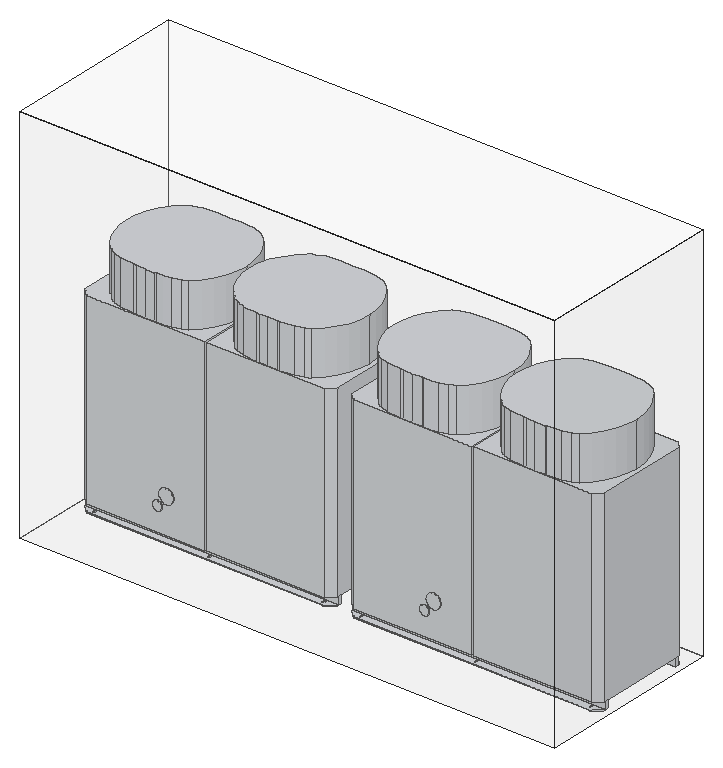
Revit family "pury-ep224_900(s)dmg9_60Hz", category 機械設備, Revit 2019 (continued)
Definition of nested family "筐体モジュール.（R2高効率）"
  Lines and regions (mm)
    symbolic lines, visible <- "ユニット4X"
      curve 301: arc (-694.112, 316.106, 0) -> (-802.132, 174.18, 0) -> (-840.507, 0, 0) r 414.476
      curve 302: arc (-840.507, 0, 0) -> (-802.132, -174.18, 0) -> (-694.112, -316.106, 0) r 414.476
      curve 303: arc (-694.112, -316.106, 0) -> (-676.871, -327.278, 0) -> (-658.4, -336.274, 0) r 168.924
      curve 304: arc (-658.4, -336.274, 0) -> (-630.711, -346.28, 0) -> (-602.194, -353.601, 0) r 308.609
      curve 305: arc (-602.194, -353.601, 0) -> (-554.089, -361, 0) -> (-505.475, -363.367, 0) r 468.429
      curve 306: arc (-505.475, -363.367, 0) -> (-497.937, -363.425, 0) -> (-490.403, -363.142, 0) r 167.153
      curve 307: line (-490.403, -363.142, 0) -> (-426.031, -363.142, 0)
      curve 308: line (-426.031, -363.142, 0) -> (-361.659, -363.142, 0)
      curve 309: arc (-361.659, -363.142, 0) -> (-354.125, -363.425, 0) -> (-346.586, -363.367, 0) r 167.153
      curve 310: arc (-346.586, -363.367, 0) -> (-296.703, -360.87, 0) -> (-247.368, -353.076, 0) r 468.429
      curve 311: arc (-247.368, -353.076, 0) -> (-220.13, -345.901, 0) -> (-193.659, -336.274, 0) r 308.61
      curve 312: arc (-193.659, -336.274, 0) -> (-174.719, -327.333, 0) -> (-157.039, -316.106, 0) r 167.985
      curve 313: arc (-157.039, -316.106, 0) -> (-49.249, -174.112, 0) -> (-10.965, 0, 0) r 415.066
      curve 314: arc (-10.965, 0, 0) -> (-49.249, 174.112, 0) -> (-157.039, 316.106, 0) r 415.066
      curve 315: arc (-157.039, 316.106, 0) -> (-174.719, 327.333, 0) -> (-193.659, 336.274, 0) r 167.985
      curve 316: arc (-193.659, 336.274, 0) -> (-220.13, 345.901, 0) -> (-247.368, 353.076, 0) r 308.61
      curve 317: arc (-247.368, 353.076, 0) -> (-296.703, 360.87, 0) -> (-346.586, 363.367, 0) r 468.429
      curve 318: line (-346.586, 363.367, 0) -> (-426.031, 363.367, 0)
      curve 319: line (-426.031, 363.367, 0) -> (-505.475, 363.367, 0)
      curve 320: arc (-505.475, 363.367, 0) -> (-554.089, 361, 0) -> (-602.194, 353.601, 0) r 468.429
      curve 321: arc (-602.194, 353.601, 0) -> (-630.711, 346.28, 0) -> (-658.4, 336.274, 0) r 308.609
      curve 322: arc (-658.4, 336.274, 0) -> (-677.005, 327.516, 0) -> (-694.112, 316.106, 0) r 138.853
      curve 323: arc (840.507, 0, 0) -> (802.132, 174.18, 0) -> (694.112, 316.106, 0) r 414.476
      curve 324: arc (694.112, 316.106, 0) -> (677.005, 327.516, 0) -> (658.4, 336.274, 0) r 138.853
      curve 325: arc (658.4, 336.274, 0) -> (630.711, 346.28, 0) -> (602.194, 353.601, 0) r 308.609
      curve 326: arc (602.194, 353.601, 0) -> (554.089, 361, 0) -> (505.475, 363.367, 0) r 468.429
      curve 327: line (505.475, 363.367, 0) -> (426.031, 363.367, 0)
      curve 328: line (426.031, 363.367, 0) -> (346.586, 363.367, 0)
      curve 329: arc (346.586, 363.367, 0) -> (297.973, 361, 0) -> (249.868, 353.601, 0) r 468.429
      curve 330: arc (249.868, 353.601, 0) -> (221.351, 346.28, 0) -> (193.661, 336.274, 0) r 308.609
      curve 331: arc (193.661, 336.274, 0) -> (175.191, 327.278, 0) -> (157.949, 316.106, 0) r 168.924
      curve 332: arc (157.949, 316.106, 0) -> (49.93, 174.18, 0) -> (11.555, 0, 0) r 414.476
      curve 333: arc (11.555, 0, 0) -> (49.93, -174.18, 0) -> (157.949, -316.106, 0) r 414.476
      curve 334: arc (157.949, -316.106, 0) -> (175.191, -327.278, 0) -> (193.661, -336.274, 0) r 168.924
      curve 335: arc (193.661, -336.274, 0) -> (221.351, -346.28, 0) -> (249.868, -353.601, 0) r 308.609
      curve 336: arc (249.868, -353.601, 0) -> (297.973, -361, 0) -> (346.586, -363.367, 0) r 468.429
      curve 337: arc (346.586, -363.367, 0) -> (354.125, -363.425, 0) -> (361.659, -363.142, 0) r 167.153
      curve 338: line (361.659, -363.142, 0) -> (426.031, -363.142, 0)
      curve 339: line (426.031, -363.142, 0) -> (490.403, -363.142, 0)
      curve 340: arc (490.403, -363.142, 0) -> (497.937, -363.425, 0) -> (505.475, -363.367, 0) r 167.153
      curve 341: arc (505.475, -363.367, 0) -> (554.089, -361, 0) -> (602.194, -353.601, 0) r 468.429
      curve 342: arc (602.194, -353.601, 0) -> (630.711, -346.28, 0) -> (658.4, -336.274, 0) r 308.609
      curve 343: arc (658.4, -336.274, 0) -> (676.871, -327.278, 0) -> (694.112, -316.106, 0) r 168.924
      curve 344: arc (694.112, -316.106, 0) -> (802.132, -174.18, 0) -> (840.507, 0, 0) r 414.476
      curve 345: line (-875, 320.831, 0) -> (-875, -320.583, 0)
      curve 346: line (-825.831, 370, 0) -> (-875, 320.831, 0)
      curve 347: line (-875, -320.583, 0) -> (-825.583, -370, 0)
      curve 348: line (825.831, 370, 0) -> (-825.831, 370, 0)
      curve 349: line (875, 320.831, 0) -> (825.831, 370, 0)
      curve 350: line (875, -320.583, 0) -> (875, 320.831, 0)
      curve 351: line (825.583, -370, 0) -> (875, -320.583, 0)
      curve 352: line (-825.583, -370, 0) -> (825.583, -370, 0)
      curve 353: line (4.756, 370, 0) -> (4.756, -370, 0)
      curve 354: line (-4.756, -370, 0) -> (-4.756, 370, 0)
  Dimensions and locks
    "Depth": plane 4 to plane 5
    equal spacing: plane 4, plane 1 "中心(正面/背面)", plane 5
    "W": plane 6 to plane 21
    locked: plane 11 "本体下部" to plane 2 at 54
    plane 4 to plane 9 to plane 10 to plane 14 to plane 13 to plane 12 = 57 mm locked, 20 mm locked, 586 mm locked, 20 mm locked, 57 mm locked
    locked: plane 12 to plane 15 at 29.5
    locked: plane 4 to plane 17 at 29.5
    "冷媒液_Z": plane 18 "電源高さ" to level
    plane 8 to plane 7 = 303 mm
    plane 7 to plane 2 = 1347 mm
    "Height": plane 8 to plane 2
    "冷媒管径_Z": level to plane 19 "冷媒管高さ"
    locked: plane 6 to plane 16 at 80
    locked: plane 11 "本体下部" to plane 20 "冷媒操作弁ガス芯4" at 1
    equal spacing: plane 6, plane 3 "中心(左/右)", plane 21
    equal spacing: plane 22, plane 3 "中心(左/右)", plane 23
    "Width": plane 22 to plane 23
    "冷媒ガス_Y": plane 4 to plane 27
    "冷媒管径_Y": plane 4 to plane 28
    "冷媒液_Y": plane 4 to plane 29
    "冷媒ガス_Z": plane 30 to level
    "冷媒液_X": plane 22 to plane 24
    "冷媒管径_X": plane 22 to plane 25
    "冷媒ガス_X": plane 24 to plane 26
    locked: plane 31 to plane 21 at 80
    "冷媒ガス管径": diameter of Extrusion 8 sketch curve
    "冷媒液管径": diameter of Extrusion 7 sketch curve
    "冷媒管径": diameter of Extrusion 6 sketch curve
    "冷媒管径": diameter of Extrusion 5 sketch curve
    aligned and locked: Extrusion 1 to plane 6
    aligned and locked: curve 3 to plane 6
    aligned and locked: plane 10 to Extrusion 2 sketch curve
    aligned and locked: plane 6 to Extrusion 2 sketch curve
    aligned and locked: Extrusion 2 sketch curve to plane 9
    aligned and locked: Extrusion 1 to plane 11 "本体下部"
    aligned and locked: plane 11 "本体下部" to Extrusion 1  (x2)
    aligned and locked: plane 7 to Extrusion 1
    aligned and locked: plane 4 to Extrusion 4
    aligned and locked: plane 9 to Extrusion 2
    aligned and locked: plane 11 "本体下部" to Extrusion 6
    aligned and locked: Extrusion 7 to plane 20 "冷媒操作弁ガス芯4"
    aligned and locked: plane 11 "本体下部" to Extrusion 7
    aligned and locked: plane 11 "本体下部" to Extrusion 8
    aligned and locked: Extrusion 7 to Extrusion 8
    aligned and locked: Extrusion 7 to Extrusion 6
    aligned and locked: Extrusion 1 sketch curve to plane 21
    aligned and locked: Extrusion 1 sketch curve to plane 12
    aligned and locked: Extrusion 1 sketch curve to plane 4
    aligned and locked: Extrusion 1 sketch curve to Extrusion 4
    aligned and locked: curve 203 to plane 21
    aligned and locked: plane 25 to Extrusion 6 sketch curve
    aligned and locked: plane 28 to Extrusion 6 sketch curve
    aligned and locked: plane 26 to Extrusion 8 sketch curve
    aligned and locked: plane 27 to Extrusion 8 sketch curve
    aligned and locked: plane 29 to Extrusion 7 sketch curve
    aligned and locked: plane 24 to Extrusion 7 sketch curve
    aligned and locked: plane 19 "冷媒管高さ" to Extrusion 5 sketch curve
    aligned and locked: plane 25 to Extrusion 5 sketch curve
    aligned and locked: curve 301 to Extrusion 11
    aligned and locked: curve 302 to Extrusion 11
    aligned and locked: curve 303 to Extrusion 11
    aligned and locked: curve 304 to Extrusion 11
    aligned and locked: curve 305 to Extrusion 11
    aligned and locked: curve 306 to Extrusion 11
    aligned and locked: curve 307 to Extrusion 11
    aligned and locked: curve 308 to Extrusion 11
    aligned and locked: curve 309 to Extrusion 11
    aligned and locked: curve 310 to Extrusion 11
    aligned and locked: curve 311 to Extrusion 11
    aligned and locked: curve 312 to Extrusion 11
    aligned and locked: curve 313 to Extrusion 11
    aligned and locked: curve 314 to Extrusion 11
    aligned and locked: curve 315 to Extrusion 11
    aligned and locked: curve 316 to Extrusion 11
    aligned and locked: curve 317 to Extrusion 11
    aligned and locked: curve 318 to Extrusion 11
    aligned and locked: curve 319 to Extrusion 11
    aligned and locked: curve 320 to Extrusion 11
    aligned and locked: curve 321 to Extrusion 11
    aligned and locked: curve 322 to Extrusion 11
    aligned and locked: curve 323 to Extrusion 10
    aligned and locked: curve 324 to Extrusion 10
    aligned and locked: curve 325 to Extrusion 10
    aligned and locked: curve 326 to Extrusion 10
    aligned and locked: curve 327 to Extrusion 10
    aligned and locked: curve 328 to Extrusion 10
    aligned and locked: curve 329 to Extrusion 10
    aligned and locked: curve 330 to Extrusion 10
    aligned and locked: curve 331 to Extrusion 10
    aligned and locked: curve 332 to Extrusion 10
    aligned and locked: curve 333 to Extrusion 10
    aligned and locked: curve 334 to Extrusion 10
    aligned and locked: curve 335 to Extrusion 10
    aligned and locked: curve 336 to Extrusion 10
    aligned and locked: curve 337 to Extrusion 10
    aligned and locked: curve 338 to Extrusion 10
    aligned and locked: curve 339 to Extrusion 10
    aligned and locked: curve 340 to Extrusion 10
    aligned and locked: curve 341 to Extrusion 10
    aligned and locked: curve 342 to Extrusion 10
    aligned and locked: curve 343 to Extrusion 10
    aligned and locked: curve 344 to Extrusion 10
    aligned and locked: curve 345 to Extrusion 1
    aligned and locked: curve 346 to Extrusion 1
    aligned and locked: curve 347 to Extrusion 1
    aligned and locked: curve 348 to Extrusion 9
    aligned and locked: curve 349 to Extrusion 1
    aligned and locked: curve 350 to Extrusion 1
    aligned and locked: curve 351 to Extrusion 1
    aligned and locked: curve 352 to Extrusion 4
    aligned and locked: curve 353 to Extrusion 1
    aligned and locked: curve 354 to Extrusion 1
    aligned and locked: plane 17 to nested 2
    aligned and locked: plane 15 to nested 2
    aligned and locked: plane 16 to nested 2
    aligned and locked: plane 31 to nested 1
    aligned and locked: plane 17 to nested 1
    aligned and locked: plane 15 to nested 1
    aligned and locked: plane 3 "中心(左/右)" to nested 2
    aligned and locked: plane 3 "中心(左/右)" to nested 1
    aligned and locked: Masking region 1 sketch curve to curve 346
    aligned and locked: Masking region 1 sketch curve to curve 345
    aligned and locked: Masking region 1 sketch curve to curve 347
    aligned and locked: Masking region 1 sketch curve to curve 352
    aligned and locked: Masking region 1 sketch curve to curve 351
    aligned and locked: Masking region 1 sketch curve to curve 350
    aligned and locked: Masking region 1 sketch curve to curve 349
    aligned and locked: Masking region 1 sketch curve to curve 348
  Automatic sketch dimensions
    Extrusion 2 sketch curve to plane 21 = 0 mm
    Extrusion 3 sketch curve to plane 6 = 0 mm
    Extrusion 3 sketch curve to plane 13 = 0 mm
    Extrusion 3 sketch curve to plane 21 = 0 mm
    Extrusion 3 sketch curve to plane 14 = 0 mm
    Extrusion 10 sketch curve to Extrusion 10 sketch curve = 0 mm  (x4)
    plane 1 "中心(正面/背面)" to Extrusion 10 sketch curve = 0 mm  (x2)
    Extrusion 10 sketch curve to plane 21 = 266.274 mm
    Extrusion 10 sketch curve to plane 21 = 281.195 mm
    Extrusion 10 sketch curve to plane 1 "中心(正面/背面)" = 51.367 mm  (x2)
    Extrusion 10 sketch curve to Extrusion 10 sketch curve = 68.933 mm
    plane 1 "中心(正面/背面)" to Extrusion 10 sketch curve = 51.367 mm  (x2)
    Extrusion 10 sketch curve to Extrusion 10 sketch curve = 32.763 mm  (x4)
    plane 5 to Extrusion 10 sketch curve = 6.633 mm
    Extrusion 10 sketch curve to Extrusion 10 sketch curve = 103.251 mm
    Extrusion 10 sketch curve to Extrusion 10 sketch curve = 6.599 mm  (x2)
    Extrusion 10 sketch curve to plane 4 = 6.858 mm
    Extrusion 10 sketch curve to Extrusion 10 sketch curve = 10.027 mm
    Extrusion 10 sketch curve to Extrusion 10 sketch curve = 113.762 mm
    Extrusion 10 sketch curve to Extrusion 10 sketch curve = 64.372 mm  (x2)
    Extrusion 10 sketch curve to Extrusion 10 sketch curve = 79.445 mm  (x2)
    Extrusion 10 sketch curve to Extrusion 10 sketch curve = 148.799 mm
    Extrusion 10 sketch curve to Extrusion 10 sketch curve = 80.998 mm
    Extrusion 10 sketch curve to Extrusion 10 sketch curve = 86.775 mm
    Extrusion 10 sketch curve to Extrusion 10 sketch curve = 93.374 mm
    Extrusion 10 sketch curve to Extrusion 10 sketch curve = 155.243 mm
    Extrusion 10 sketch curve to plane 14 = 112.812 mm
    Extrusion 10 sketch curve to plane 1 "中心(正面/背面)" = 105.059 mm
    Extrusion 10 sketch curve to Extrusion 10 sketch curve = 53.692 mm  (x3)
    Extrusion 10 sketch curve to plane 17 = 4.226 mm  (x2)
    Extrusion 10 sketch curve to Extrusion 10 sketch curve = 64.596 mm
    Extrusion 10 sketch curve to plane 15 = 4.226 mm  (x2)
    Extrusion 10 sketch curve to Extrusion 10 sketch curve = 49.674 mm
    plane 13 to Extrusion 10 sketch curve = 3.106 mm
    plane 17 to Extrusion 10 sketch curve = 13.101 mm  (x2)
    Extrusion 10 sketch curve to plane 4 = 6.633 mm
    plane 15 to Extrusion 10 sketch curve = 13.101 mm
    plane 9 to Extrusion 10 sketch curve = 3.106 mm
    Extrusion 11 sketch curve to Extrusion 11 sketch curve = 0 mm  (x3)
    Extrusion 11 sketch curve to plane 1 "中心(正面/背面)" = 0 mm
    plane 1 "中心(正面/背面)" to Extrusion 11 sketch curve = 0 mm
    plane 1 "中心(正面/背面)" to Extrusion 11 sketch curve = 51.367 mm  (x2)
    Extrusion 11 sketch curve to Extrusion 11 sketch curve = 32.763 mm  (x4)
    plane 5 to Extrusion 11 sketch curve = 6.633 mm
    Extrusion 11 sketch curve to Extrusion 11 sketch curve = 6.599 mm  (x2)
    Extrusion 11 sketch curve to plane 4 = 6.858 mm
    Extrusion 11 sketch curve to Extrusion 11 sketch curve = 113.762 mm  (x2)
    Extrusion 11 sketch curve to Extrusion 11 sketch curve = 64.372 mm  (x2)
    Extrusion 11 sketch curve to Extrusion 11 sketch curve = 79.445 mm  (x2)
    Extrusion 11 sketch curve to Extrusion 11 sketch curve = 91.232 mm  (x2)
    Extrusion 11 sketch curve to Extrusion 11 sketch curve = 53.692 mm  (x3)
    Extrusion 11 sketch curve to plane 1 "中心(正面/背面)" = 51.367 mm  (x2)
    Extrusion 11 sketch curve to Extrusion 11 sketch curve = 75.129 mm
    Extrusion 11 sketch curve to Extrusion 11 sketch curve = 101.551 mm
    Extrusion 11 sketch curve to plane 17 = 4.226 mm  (x2)
    Extrusion 11 sketch curve to Extrusion 11 sketch curve = 64.596 mm
    Extrusion 11 sketch curve to plane 15 = 4.226 mm  (x2)
    Extrusion 11 sketch curve to Extrusion 11 sketch curve = 49.674 mm
    plane 13 to Extrusion 11 sketch curve = 3.106 mm
    plane 17 to Extrusion 11 sketch curve = 13.101 mm
    Extrusion 11 sketch curve to plane 4 = 6.633 mm
    plane 9 to Extrusion 11 sketch curve = 3.106 mm
    Extrusion 11 sketch curve to Extrusion 11 sketch curve = 80.998 mm
    Extrusion 11 sketch curve to Extrusion 11 sketch curve = 93.374 mm
    Extrusion 11 sketch curve to Extrusion 11 sketch curve = 101.697 mm
    plane 16 to Extrusion 11 sketch curve = 186.274 mm
    Extrusion 11 sketch curve to Extrusion 11 sketch curve = 152.925 mm
    Extrusion 11 sketch curve to Extrusion 11 sketch curve = 111.791 mm
    Extrusion 11 sketch curve to Extrusion 11 sketch curve = 148.799 mm
    Extrusion 11 sketch curve to Extrusion 11 sketch curve = 89.275 mm
    Extrusion 11 sketch curve to Extrusion 11 sketch curve = 95.874 mm
    plane 15 to Extrusion 11 sketch curve = 12.576 mm
    plane 17 to Extrusion 11 sketch curve = 12.576 mm
    Extrusion 10 sketch curve to Extrusion 10 sketch curve = 75.129 mm  (x2)
    Extrusion 11 sketch curve to Extrusion 11 sketch curve = 16.103 mm  (x2)
    Extrusion 10 sketch curve to Extrusion 10 sketch curve = 91.232 mm  (x2)
    Extrusion 11 sketch curve to plane 10 = 96.709 mm
    Extrusion 9 sketch curve to plane 6 = 0 mm
    plane 5 to Extrusion 9 sketch curve = 0 mm
    Extrusion 9 sketch curve to plane 16 = 0 mm
    Extrusion 9 sketch curve to plane 3 "中心(左/右)" = 0 mm
    Extrusion 9 sketch curve to plane 21 = 0 mm
    Extrusion 9 sketch curve to plane 13 = 0 mm
    plane 16 to Extrusion 9 sketch curve = 30.583 mm
    Extrusion 9 sketch curve to plane 15 = 3 mm  (x3)
    Extrusion 9 sketch curve to Extrusion 9 sketch curve = 7 mm  (x3)
    plane 15 to Extrusion 9 sketch curve = 3 mm  (x3)
    plane 21 to Extrusion 9 sketch curve = 87 mm
    Extrusion 9 sketch curve to Extrusion 9 sketch curve = 23.583 mm
    Extrusion 9 sketch curve to plane 13 = 7.583 mm  (x2)
    Extrusion 1 sketch curve to plane 6 = 0 mm
    plane 5 to Extrusion 1 sketch curve = 0 mm
    plane 4 to Extrusion 1 sketch curve = 0 mm
    Extrusion 1 sketch curve to plane 16 = 30.831 mm
    Extrusion 1 sketch curve to plane 16 = 30.583 mm
    Extrusion 1 sketch curve to plane 3 "中心(左/右)" = 4.756 mm
    plane 3 "中心(左/右)" to Extrusion 1 sketch curve = 4.756 mm
    Extrusion 1 sketch curve to plane 21 = 49.169 mm
    plane 9 to Extrusion 1 sketch curve = 7.583 mm
    plane 13 to Extrusion 1 sketch curve = 7.831 mm  (x2)
    Extrusion 4 sketch curve to plane 6 = 0 mm
    plane 4 to Extrusion 4 sketch curve = 0 mm
    Extrusion 4 sketch curve to plane 16 = 0 mm
    Extrusion 4 sketch curve to plane 3 "中心(左/右)" = 0 mm
    Extrusion 4 sketch curve to plane 21 = 0 mm
    plane 9 to Extrusion 4 sketch curve = 0 mm
    Extrusion 4 sketch curve to plane 16 = 30.583 mm
    plane 17 to Extrusion 4 sketch curve = 3 mm  (x3)
    Extrusion 4 sketch curve to Extrusion 4 sketch curve = 7 mm  (x3)
    Extrusion 4 sketch curve to plane 17 = 3 mm  (x3)
    Extrusion 4 sketch curve to plane 21 = 87 mm
    Extrusion 4 sketch curve to Extrusion 4 sketch curve = 23.583 mm
    plane 9 to Extrusion 4 sketch curve = 7.583 mm  (x2)
    curve 306 to curve 307 = 64.372 mm
    curve 319 to curve 317 = 79.445 mm
    curve 337 to curve 338 = 64.372 mm
    curve 328 to curve 328 = 79.445 mm
  Nested families
    nested 1: "固定点" at (0, -340.5, 0), visible <- "ユニット4X", type "固定点", detail levels fine
      with W 795 mm, D 681 mm
    nested 2: "固定点" at (-795, -340.5, 0), visible <- "ユニット4X", type "固定点", detail levels fine
      with W 795 mm, D 681 mm
  Definition of nested family "固定点"
    Parameters (values of type "固定点")
      中心円 = 20 mm
      W [instance] = 1000 mm
      D [instance] = 1000 mm
    Reference planes
      plane 1 "中心(正面/背面)": y = 0
      plane 2: z = 0
      plane 3 "中心(左/右)": x = 0
      plane 4: x = 1000
      plane 5: y = 1000
    Lines and regions (mm)
      symbolic lines, detail levels fine
        curve 1: circle (0, 1000, 0) r 10 normal (0, 0, 1)
        curve 2: circle (0, 0, 0) r 10 normal (0, 0, 1)
        curve 3: circle (1000, 1000, 0) r 10 normal (0, 0, 1)
        curve 4: circle (1000, 0, 0) r 10 normal (0, 0, 1)
        curve 5: line (-200, 1000, 0) -> (1200, 1000, 0)
        curve 6: line (-200, 0, 0) -> (1200, 0, 0)
        curve 7: line (0, 1200, 0) -> (0, -200, 0)
        curve 8: line (1000, 1200, 0) -> (1000, -200, 0)
    Dimensions and locks
      "W": plane 3 "中心(左/右)" to plane 4
      "D": plane 1 "中心(正面/背面)" to plane 5
      "中心円": diameter of curve 1
      "中心円": diameter of curve 2
      "中心円": diameter of curve 3
      "中心円": diameter of curve 4
      aligned and locked: level to plane 2
      aligned and locked: plane 5 to curve 1
      aligned and locked: plane 3 "中心(左/右)" to curve 1
      aligned and locked: plane 3 "中心(左/右)" to curve 2
      aligned and locked: plane 1 "中心(正面/背面)" to curve 2
      aligned and locked: plane 4 to curve 3
      aligned and locked: plane 5 to curve 3
      aligned and locked: plane 1 "中心(正面/背面)" to curve 4
      aligned and locked: plane 4 to curve 4
      aligned and locked: plane 1 "中心(正面/背面)" to curve 6
      aligned and locked: curve 7 to plane 3 "中心(左/右)"
      aligned and locked: curve 8 to plane 4
    Automatic sketch dimensions
      curve 5 to plane 5 = 0 mm
      curve 6 to plane 3 "中心(左/右)" = 200 mm
      curve 5 to plane 3 "中心(左/右)" = 200 mm
      curve 4 to curve 6 = 200 mm
      curve 3 to curve 5 = 200 mm
      plane 1 "中心(正面/背面)" to curve 8 = 200 mm
      plane 1 "中心(正面/背面)" to curve 7 = 200 mm
      curve 3 to curve 8 = 200 mm
      curve 1 to curve 7 = 200 mm
Definition of nested family "outline"
  Parameters (values of type "outline_S")
    ユニット4X [instance] = and(ユニット2, Width = 1750 mm)  # no
    ユニット2 [instance] = yes
    Width [instance] = 920 mm
    W = 920 mm
    Height [instance] = 1650 mm
    Depth [instance] = 740 mm
  Types (3, lengths in mm): name | ユニット4X | Width | W
    outline_S | no | 920 | 920
    outline_XL | yes | 1750 | 1750
    outline_L | no | 1220 | 1220
  Reference planes
    plane 1 "中心(正面/背面)": y = 0
    plane 2: z = 0
    plane 3 "中心(左/右)": x = 0
    plane 4: y = -370
    plane 5: y = 370
    plane 6: x = -460
    plane 7: z = 1347
    plane 8: z = 1650
    plane 9 "本体下部": z = 54
    plane 10: y = 370
    plane 11 "電源高さ": z = 262
    plane 12 "冷媒管高さ": z = 262
    plane 13 "冷媒操作弁ガス芯4": z = 53
    plane 14: x = 460
    plane 15: x = -875
    plane 16: x = 875
    plane 17: z = 262
  Forms (mm)
    Extrusion 1, solid, visible <- "ユニット2", detail levels coarse+medium
      sketch origin (0, 0, 0) x (1, 0, 0) y (0, 1, 0)
        loop
          line (-460, 370) -> (-460, -370) -> (460, -370) -> (460, 370) -> (-460, 370)
      from 0 to 1650
  Lines and regions (mm)
    model lines, visible <- "ユニット4X", not visible, detail levels fine
      curve 1: line (460, 178.667, 1289.179) -> (460, 297.73, 1289.179)
      curve 2: line (460, 178.667, 1056.056) -> (460, 178.667, 1289.179)
      curve 3: line (460, 297.73, 1056.056) -> (460, 178.667, 1056.056)
      curve 4: line (460, 297.73, 1289.179) -> (460, 297.73, 1056.056)
      curve 5: line (460, 47.598, 1289.179) -> (460, 166.661, 1289.179)
      curve 6: line (460, 47.598, 1056.056) -> (460, 47.598, 1289.179)
      curve 7: line (460, 166.661, 1056.056) -> (460, 47.598, 1056.056)
      curve 8: line (460, 166.661, 1289.179) -> (460, 166.661, 1056.056)
      curve 9: line (460, -83.471, 1289.179) -> (460, 35.592, 1289.179)
      curve 10: line (460, -83.471, 1056.056) -> (460, -83.471, 1289.179)
      curve 11: line (460, 35.592, 1056.056) -> (460, -83.471, 1056.056)
      curve 12: line (460, 35.592, 1289.179) -> (460, 35.592, 1056.056)
      curve 13: line (460, -150.779, 1289.179) -> (460, -95.75, 1289.179)
      curve 14: line (460, -150.779, 1056.056) -> (460, -150.779, 1289.179)
      curve 15: line (460, -95.75, 1056.056) -> (460, -150.779, 1056.056)
      curve 16: line (460, -95.75, 1289.179) -> (460, -95.75, 1056.056)
      curve 17: line (460, -150.779, 1283.175) -> (460, -132.596, 1283.175)
      curve 18: line (460, -150.779, 1062.059) -> (460, -150.779, 1283.175)
      curve 19: line (460, -132.596, 1062.059) -> (460, -150.779, 1062.059)
      curve 20: line (460, -132.596, 1283.175) -> (460, -132.596, 1062.059)
      curve 21: line (460, 178.667, 1046.051) -> (460, 297.73, 1046.051)
      curve 22: line (460, 178.667, 812.928) -> (460, 178.667, 1046.051)
      curve 23: line (460, 297.73, 812.928) -> (460, 178.667, 812.928)
      curve 24: line (460, 297.73, 1046.051) -> (460, 297.73, 812.928)
      curve 25: line (460, 47.598, 1046.051) -> (460, 166.661, 1046.051)
      curve 26: line (460, 47.598, 812.928) -> (460, 47.598, 1046.051)
      curve 27: line (460, 166.661, 812.928) -> (460, 47.598, 812.928)
      curve 28: line (460, 166.661, 1046.051) -> (460, 166.661, 812.928)
      curve 29: line (460, -83.471, 1046.051) -> (460, 35.592, 1046.051)
      curve 30: line (460, -83.471, 812.928) -> (460, -83.471, 1046.051)
      curve 31: line (460, 35.592, 812.928) -> (460, -83.471, 812.928)
      curve 32: line (460, 35.592, 1046.051) -> (460, 35.592, 812.928)
      curve 33: line (460, -150.779, 1046.051) -> (460, -95.75, 1046.051)
      curve 34: line (460, -150.779, 812.928) -> (460, -150.779, 1046.051)
      curve 35: line (460, -95.75, 812.928) -> (460, -150.779, 812.928)
      curve 36: line (460, -95.75, 1046.051) -> (460, -95.75, 812.928)
      curve 37: line (460, -150.779, 1040.048) -> (460, -132.596, 1040.048)
      curve 38: line (460, -150.779, 818.931) -> (460, -150.779, 1040.048)
      curve 39: line (460, -132.596, 818.931) -> (460, -150.779, 818.931)
      curve 40: line (460, -132.596, 1040.048) -> (460, -132.596, 818.931)
      curve 41: line (460, 178.667, 802.923) -> (460, 297.73, 802.923)
      curve 42: line (460, 178.667, 569.8) -> (460, 178.667, 802.923)
      curve 43: line (460, 297.73, 569.8) -> (460, 178.667, 569.8)
      curve 44: line (460, 297.73, 802.923) -> (460, 297.73, 569.8)
      curve 45: line (460, 47.598, 802.923) -> (460, 166.661, 802.923)
      curve 46: line (460, 47.598, 569.8) -> (460, 47.598, 802.923)
      curve 47: line (460, 166.661, 569.8) -> (460, 47.598, 569.8)
      curve 48: line (460, 166.661, 802.923) -> (460, 166.661, 569.8)
      curve 49: line (460, -83.471, 802.923) -> (460, 35.592, 802.923)
      curve 50: line (460, -83.471, 569.8) -> (460, -83.471, 802.923)
      curve 51: line (460, 35.592, 569.8) -> (460, -83.471, 569.8)
      curve 52: line (460, 35.592, 802.923) -> (460, 35.592, 569.8)
      curve 53: line (460, -150.779, 802.923) -> (460, -95.75, 802.923)
      curve 54: line (460, -150.779, 569.8) -> (460, -150.779, 802.923)
      curve 55: line (460, -95.75, 569.8) -> (460, -150.779, 569.8)
      curve 56: line (460, -95.75, 802.923) -> (460, -95.75, 569.8)
      curve 57: line (460, -150.779, 796.92) -> (460, -132.596, 796.92)
      curve 58: line (460, -150.779, 575.803) -> (460, -150.779, 796.92)
      curve 59: line (460, -132.596, 575.803) -> (460, -150.779, 575.803)
      curve 60: line (460, -132.596, 796.92) -> (460, -132.596, 575.803)
      curve 61: line (460, 178.667, 559.795) -> (460, 297.73, 559.795)
      curve 62: line (460, 178.667, 326.672) -> (460, 178.667, 559.795)
      curve 63: line (460, 297.73, 326.672) -> (460, 178.667, 326.672)
      curve 64: line (460, 297.73, 559.795) -> (460, 297.73, 326.672)
      curve 65: line (460, 47.598, 559.795) -> (460, 166.661, 559.795)
      curve 66: line (460, 47.598, 326.672) -> (460, 47.598, 559.795)
      curve 67: line (460, 166.661, 326.672) -> (460, 47.598, 326.672)
      curve 68: line (460, 166.661, 559.795) -> (460, 166.661, 326.672)
      curve 69: line (460, -83.471, 559.795) -> (460, 35.592, 559.795)
      curve 70: line (460, -83.471, 326.672) -> (460, -83.471, 559.795)
      curve 71: line (460, 35.592, 326.672) -> (460, -83.471, 326.672)
      curve 72: line (460, 35.592, 559.795) -> (460, 35.592, 326.672)
      curve 73: line (460, -150.779, 559.795) -> (460, -95.75, 559.795)
      curve 74: line (460, -150.779, 326.672) -> (460, -150.779, 559.795)
      curve 75: line (460, -95.75, 326.672) -> (460, -150.779, 326.672)
      curve 76: line (460, -95.75, 559.795) -> (460, -95.75, 326.672)
      curve 77: line (460, -150.779, 553.792) -> (460, -132.596, 553.792)
      curve 78: line (460, -150.779, 332.675) -> (460, -150.779, 553.792)
      curve 79: line (460, -132.596, 332.675) -> (460, -150.779, 332.675)
      curve 80: line (460, -132.596, 553.792) -> (460, -132.596, 332.675)
      curve 81: line (460, 178.667, 316.667) -> (460, 297.73, 316.667)
      curve 82: line (460, 178.667, 83.544) -> (460, 178.667, 316.667)
      curve 83: line (460, 297.73, 83.544) -> (460, 178.667, 83.544)
      curve 84: line (460, 297.73, 316.667) -> (460, 297.73, 83.544)
      curve 85: line (460, 47.598, 316.667) -> (460, 166.661, 316.667)
      curve 86: line (460, 47.598, 83.544) -> (460, 47.598, 316.667)
      curve 87: line (460, 166.661, 83.544) -> (460, 47.598, 83.544)
      curve 88: line (460, 166.661, 316.667) -> (460, 166.661, 83.544)
      curve 89: line (460, -83.471, 316.667) -> (460, 35.592, 316.667)
      curve 90: line (460, -83.471, 83.544) -> (460, -83.471, 316.667)
      curve 91: line (460, 35.592, 83.544) -> (460, -83.471, 83.544)
      curve 92: line (460, 35.592, 316.667) -> (460, 35.592, 83.544)
      curve 93: line (460, -150.779, 316.667) -> (460, -95.75, 316.667)
      curve 94: line (460, -150.779, 83.544) -> (460, -150.779, 316.667)
      curve 95: line (460, -95.75, 83.544) -> (460, -150.779, 83.544)
      curve 96: line (460, -95.75, 316.667) -> (460, -95.75, 83.544)
      curve 97: line (460, -150.779, 310.664) -> (460, -132.596, 310.664)
      curve 98: line (460, -150.779, 89.547) -> (460, -150.779, 310.664)
      curve 99: line (460, -132.596, 89.547) -> (460, -150.779, 89.547)
      curve 100: line (460, -132.596, 310.664) -> (460, -132.596, 89.547)
  Dimensions and locks
    "Depth": plane 4 to plane 5
    equal spacing: plane 4, plane 1 "中心(正面/背面)", plane 5
    "W": plane 6 to plane 14
    locked: plane 9 "本体下部" to plane 2 at 54
    plane 4 to plane 10 = 740 mm
    plane 11 "電源高さ" to level = 262 mm
    plane 8 to plane 7 = 303 mm
    plane 7 to plane 2 = 1347 mm
    "Height": plane 8 to plane 2
    level to plane 12 "冷媒管高さ" = 262 mm
    locked: plane 9 "本体下部" to plane 13 "冷媒操作弁ガス芯4" at 1
    equal spacing: plane 6, plane 3 "中心(左/右)", plane 14
    plane 17 to level = 262 mm
  Automatic sketch dimensions
    plane 4 to Extrusion 1 sketch curve = 0 mm
    Extrusion 1 sketch curve to plane 6 = 0 mm
    Extrusion 1 sketch curve to plane 14 = 0 mm
    plane 5 to Extrusion 1 sketch curve = 0 mm
Types (28, lengths in mm): name | 風量（m3／min） | 風量 | 音響パワーレベル(dB) | 電源位置2X（ユニット3） | 電源位置2X（ユニット2） | 電源位置2X（ユニット1） | 電源位置1X（ユニット3） | 電源位置1X（ユニット2） | 電源位置1X（ユニット1） | 電動機出力_送風機 | 電動機出力_圧縮機 | 質量 | 製品質量 | 消費電力_暖房 | 消費電力_冷房 | 消費電力 | 最小電線太さ_mm2 | 最大電流値 | 暖房能力 | 推奨ブレーカー容量 | 冷房能力 | 冷媒管（液）位置1 (ユニット3） | 冷媒管（液）位置1 (ユニット1) | 冷媒管（液）位置1 (ユニット2） | 冷媒管径符号 | 冷媒管位置1 (ユニット2) | 冷媒管位置1 (ユニット3) | 冷媒管位置1 (ユニット1) | 冷媒液管径3 | 冷媒液管径2 | 冷媒液管径 | 冷媒ガス管径3 | 冷媒ガス管径2 | 冷媒ガス管径 | ユニット隙間 | ユニット数 | ユニットタイプ3 | ユニットタイプ2 | ユニットタイプ1 | ユニット2 | モデル | サービススペース_タイプA | アンカーボルト位置X（ユニット3） | アンカーボルト位置X（ユニット2） | アンカーボルト位置X（ユニット1） | Width3 | Width2 | Width1 | Width | URL | OUTLINE2 | OUTLINE1 | MAX風量 | Clearance Right | Clearance Left | Clearance Back
  PURY-EP224DMG9_タイプA | 185 | 11100.0 m³/h | 81.5 | 177 | 177 | 177 | 201 | 201 | 201 | 0.92 kW | 4.61 kW | 235.20 kg | 196.00 kg | 6.39 kW | 6.15 kW | 6.39 kW | 8 | 26.9 A | 25 kW | 40 A | 22.4 kW | 194 | 194 | 194 | "De" | 264 | 264 | 264 | 15.88 | 15.88 | 15.88 | 19.05 | 19.05 | 19.05 | 30 | 1 | 筐体モジュール（R2高効率） : 224筐体 | 筐体モジュール（R2高効率） : 224筐体 | 筐体モジュール（R2高効率） : 224筐体 | no | "PURY-EP224DMG9" | yes | 760 | 760 | 760 | 920 | 920 | 920 | 920 | "https://www.mitsubishielectric.co.jp/ldg/wink/qr/002/332072/" | outline : outline_XL | outline : outline_S | 11100.0 m³/h | 15 | 15 | 300
  PURY-EP280DMG9_タイプA | 200 | 12000.0 m³/h | 82.5 | 227 | 227 | 227 | 251 | 251 | 251 | 0.92 kW | 6.61 kW | 285.60 kg | 238.00 kg | 8.7 kW | 8.51 kW | 8.7 kW | 14 | 37.3 A | 31.5 kW | 50 A | 28 kW | 244 | 244 | 244 | "Ef" | 314 | 314 | 314 | 19.05 | 19.05 | 19.05 | 22.20 | 22.20 | 22.20 | 30 | 1 | 筐体モジュール（R2高効率） : 280筐体 | 筐体モジュール（R2高効率） : 280筐体 | 筐体モジュール（R2高効率） : 280筐体 | no | "PURY-EP280DMG9" | yes | 1060 | 1060 | 1060 | 1220 | 1220 | 1220 | 1220 | "https://www.mitsubishielectric.co.jp/ldg/wink/qr/002/331966/" | outline : outline_XL | outline : outline_L | 12000.0 m³/h | 15 | 15 | 300
  PURY-EP335DMG9_タイプA | 200 | 12000.0 m³/h | 82.5 | 227 | 227 | 227 | 251 | 251 | 251 | 0.92 kW | 7.73 kW | 288.00 kg | 240.00 kg | 9.89 kW | 10 kW | 10 kW | 22 | 44.1 A | 37.5 kW | 60 A | 33.5 kW | 244 | 244 | 244 | "Ef" | 314 | 314 | 314 | 19.05 | 19.05 | 19.05 | 22.20 | 22.20 | 22.20 | 30 | 1 | 筐体モジュール（R2高効率） : 335筐体 | 筐体モジュール（R2高効率） : 335筐体 | 筐体モジュール（R2高効率） : 335筐体 | no | "PURY-EP335DMG9" | yes | 1060 | 1060 | 1060 | 1220 | 1220 | 1220 | 1220 | "https://www.mitsubishielectric.co.jp/ldg/wink/qr/002/331903/" | outline : outline_XL | outline : outline_L | 12000.0 m³/h | 15 | 15 | 300
  PURY-EP400DMG9_タイプA | 200 | 12000.0 m³/h | 85.5 | 227 | 227 | 227 | 251 | 251 | 251 | 0.92 kW | 11 kW | 288.00 kg | 240.00 kg | 12.7 kW | 13.8 kW | 13.8 kW | 22 | 59 A | 45 kW | 60 A | 40 kW | 244 | 244 | 244 | "Eg" | 314 | 314 | 314 | 19.05 | 19.05 | 19.05 | 25.40 | 25.40 | 25.40 | 30 | 1 | 筐体モジュール（R2高効率） : 400筐体 | 筐体モジュール（R2高効率） : 400筐体 | 筐体モジュール（R2高効率） : 400筐体 | no | "PURY-EP400DMG9" | yes | 1060 | 1060 | 1060 | 1220 | 1220 | 1220 | 1220 | "https://www.mitsubishielectric.co.jp/ldg/wink/qr/002/331906/" | outline : outline_XL | outline : outline_L | 12000.0 m³/h | 15 | 15 | 300
  PURY-EP450SDMG9_タイプA | 370 | 22200.0 m³/h | 84.5 | 177 | 177 | 177 | 201 | 201 | 201 | 1.84 kW | 9.22 kW | 475.20 kg | 396.00 kg | 12.7 kW | 12.6 kW | 12.7 kW | 22 | 55.3 A | 50 kW | 60 A | 45 kW | 194 | 194 | 194 | "Fh" | 264 | 264 | 264 | 15.88 | 15.88 | 15.88 | 19.05 | 19.05 | 19.05 | 30 | 2 | 筐体モジュール（R2高効率） : 224筐体 | 筐体モジュール（R2高効率） : 224筐体 | 筐体モジュール（R2高効率） : 224筐体 | yes | "PURY-EP450SDMG9" | yes | 760 | 760 | 760 | 920 | 920 | 920 | 1870 | "https://www.mitsubishielectric.co.jp/ldg/wink/qr/002/331912/" | outline : outline_S | outline : outline_S | 22200.0 m³/h | 15 | 15 | 300
  PURY-EP500SDMG9_タイプA | 385 | 23100.0 m³/h | 85 | 227 | 177 | 227 | 251 | 201 | 251 | 1.84 kW | 11.22 kW | 523.20 kg | 436.00 kg | 14.8 kW | 14.7 kW | 14.8 kW | 38 | 64.5 A | 56 kW | 75 A | 50 kW | 244 | 244 | 194 | "Fh" | 264 | 314 | 314 | 19.05 | 15.88 | 19.05 | 22.20 | 19.05 | 22.20 | 30 | 2 | 筐体モジュール（R2高効率） : 280筐体 | 筐体モジュール（R2高効率） : 224筐体 | 筐体モジュール（R2高効率） : 280筐体 | yes | "PURY-EP500SDMG9" | yes | 1060 | 760 | 1060 | 1220 | 920 | 1220 | 2170 | "https://www.mitsubishielectric.co.jp/ldg/wink/qr/002/331915/" | outline : outline_S | outline : outline_L | 23100.0 m³/h | 15 | 15 | 300
  PURY-EP560SDMG9_タイプA | 400 | 24000.0 m³/h | 85.5 | 227 | 227 | 227 | 251 | 251 | 251 | 1.84 kW | 13.22 kW | 571.20 kg | 476.00 kg | 17.4 kW | 17.3 kW | 17.4 kW | 38 | 76.1 A | 63 kW | 100 A | 56 kW | 244 | 244 | 244 | "Fh" | 314 | 314 | 314 | 19.05 | 19.05 | 19.05 | 22.20 | 22.20 | 22.20 | 30 | 2 | 筐体モジュール（R2高効率） : 280筐体 | 筐体モジュール（R2高効率） : 280筐体 | 筐体モジュール（R2高効率） : 280筐体 | yes | "PURY-EP560SDMG9" | yes | 1060 | 1060 | 1060 | 1220 | 1220 | 1220 | 2470 | "https://www.mitsubishielectric.co.jp/ldg/wink/qr/002/331918/" | outline : outline_L | outline : outline_L | 24000.0 m³/h | 15 | 15 | 300
  PURY-EP630SDMG9_タイプA | 400 | 24000.0 m³/h | 85.5 | 227 | 227 | 227 | 251 | 251 | 251 | 1.84 kW | 14.34 kW | 573.60 kg | 478.00 kg | 18.6 kW | 19.4 kW | 19.4 kW | 38 | 80.8 A | 69 kW | 100 A | 63 kW | 244 | 244 | 244 | "Gh" | 314 | 314 | 314 | 19.05 | 19.05 | 19.05 | 22.20 | 22.20 | 22.20 | 30 | 2 | 筐体モジュール（R2高効率） : 335筐体 | 筐体モジュール（R2高効率） : 280筐体 | 筐体モジュール（R2高効率） : 335筐体 | yes | "PURY-EP630SDMG9" | yes | 1060 | 1060 | 1060 | 1220 | 1220 | 1220 | 2470 | "https://www.mitsubishielectric.co.jp/ldg/wink/qr/002/331921/" | outline : outline_L | outline : outline_L | 24000.0 m³/h | 15 | 15 | 300
  PURY-EP670SDMG9_タイプA | 400 | 24000.0 m³/h | 85.5 | 227 | 227 | 227 | 251 | 251 | 251 | 1.84 kW | 15.46 kW | 576.00 kg | 480.00 kg | 20.4 kW | 20.4 kW | 20.4 kW | 60 | 89.4 A | 77.5 kW | 100 A | 67 kW | 244 | 244 | 244 | "Gh" | 314 | 314 | 314 | 19.05 | 19.05 | 19.05 | 22.20 | 22.20 | 22.20 | 30 | 2 | 筐体モジュール（R2高効率） : 335筐体 | 筐体モジュール（R2高効率） : 335筐体 | 筐体モジュール（R2高効率） : 335筐体 | yes | "PURY-EP670SDMG9" | yes | 1060 | 1060 | 1060 | 1220 | 1220 | 1220 | 2470 | "https://www.mitsubishielectric.co.jp/ldg/wink/qr/002/331924/" | outline : outline_L | outline : outline_L | 24000.0 m³/h | 15 | 15 | 300
  PURY-EP730SDMG9_タイプA | 520 | 31200.0 m³/h | 86 | 516 | 227 | 516 | 541 | 251 | 541 | 2.76 kW | 16.71 kW | 662.40 kg | 552.00 kg | 22 kW | 22.3 kW | 22.3 kW | 60 | 95.1 A | 82.5 kW | 100 A | 73 kW | 533 | 533 | 244 | "Gh" | 314 | 603 | 603 | 19.05 | 19.05 | 19.05 | 25.40 | 22.20 | 25.40 | 30 | 2 | 筐体モジュール.（R2高効率） : 400K筐体 | 筐体モジュール（R2高効率） : 335筐体 | 筐体モジュール.（R2高効率） : 400K筐体 | yes | "PURY-EP730SDMG9" | yes | 795 | 1060 | 795 | 1750 | 1220 | 1750 | 3000 | "https://www.mitsubishielectric.co.jp/ldg/wink/qr/002/331927/" | outline : outline_L | outline : outline_XL | 31200.0 m³/h | 15 | 15 | 300
  PURY-EP775SDMG9_タイプA | 640 | 38400.0 m³/h | 86 | 516 | 516 | 516 | 541 | 541 | 541 | 3.68 kW | 17.96 kW | 748.80 kg | 624.00 kg | 24.2 kW | 24.8 kW | 24.8 kW | 60 | 108.7 A | 90 kW | 125 A | 77.5 kW | 533 | 533 | 533 | "Hi" | 603 | 603 | 603 | 19.05 | 19.05 | 19.05 | 25.40 | 25.40 | 25.40 | 30 | 2 | 筐体モジュール.（R2高効率） : 400K筐体 | 筐体モジュール.（R2高効率） : 400K筐体 | 筐体モジュール.（R2高効率） : 400K筐体 | yes | "PURY-EP775SDMG9" | yes | 795 | 795 | 795 | 1750 | 1750 | 1750 | 3530 | "https://www.mitsubishielectric.co.jp/ldg/wink/qr/002/331930/" | outline : outline_XL | outline : outline_XL | 38400.0 m³/h | 15 | 15 | 300
  PURY-EP850SDMG9_タイプA | 640 | 38400.0 m³/h | 88.5 | 516 | 516 | 516 | 541 | 541 | 541 | 3.68 kW | 20.08 kW | 746.40 kg | 622.00 kg | 26.3 kW | 28 kW | 28 kW | 60 | 113 A | 95 kW | 125 A | 85 kW | 533 | 533 | 533 | "Hi" | 603 | 603 | 603 | 22.20 | 19.05 | 22.20 | 28.58 | 25.40 | 28.58 | 30 | 2 | 筐体モジュール.（R2高効率） : 450K筐体 | 筐体モジュール.（R2高効率） : 400K筐体 | 筐体モジュール.（R2高効率） : 450K筐体 | yes | "PURY-EP850SDMG9" | yes | 795 | 795 | 795 | 1750 | 1750 | 1750 | 3530 | "https://www.mitsubishielectric.co.jp/ldg/wink/qr/002/331933/" | outline : outline_XL | outline : outline_XL | 38400.0 m³/h | 15 | 15 | 300
  PURY-EP900SDMG9_タイプA | 640 | 38400.0 m³/h | 89.5 | 516 | 516 | 516 | 541 | 541 | 541 | 3.68 kW | 22.2 kW | 744.00 kg | 620.00 kg | 28.5 kW | 30.6 kW | 30.6 kW | 100 | 134 A | 100 kW | 150 A | 90 kW | 533 | 533 | 533 | "Hi" | 603 | 603 | 603 | 22.20 | 22.20 | 22.20 | 28.58 | 28.58 | 28.58 | 30 | 2 | 筐体モジュール.（R2高効率） : 450K筐体 | 筐体モジュール.（R2高効率） : 450K筐体 | 筐体モジュール.（R2高効率） : 450K筐体 | yes | "PURY-EP900SDMG9" | yes | 795 | 795 | 795 | 1750 | 1750 | 1750 | 3530 | "https://www.mitsubishielectric.co.jp/ldg/wink/qr/002/331936/" | outline : outline_XL | outline : outline_XL | 38400.0 m³/h | 15 | 15 | 300
  PURY-EP224DMG9_タイプB | 185 | 11100.0 m³/h | 81.5 | 177 | 177 | 177 | 201 | 201 | 201 | 0.92 kW | 4.61 kW | 235.20 kg | 196.00 kg | 6.39 kW | 6.15 kW | 6.39 kW | 8 | 26.9 A | 25 kW | 40 A | 22.4 kW | 194 | 194 | 194 | "De" | 264 | 264 | 264 | 15.88 | 15.88 | 15.88 | 19.05 | 19.05 | 19.05 | 100 | 1 | 筐体モジュール（R2高効率） : 224筐体 | 筐体モジュール（R2高効率） : 224筐体 | 筐体モジュール（R2高効率） : 224筐体 | no | "PURY-EP224DMG9" | no | 760 | 760 | 760 | 920 | 920 | 920 | 920 | "https://www.mitsubishielectric.co.jp/ldg/wink/qr/002/332072/" | outline : outline_XL | outline : outline_S | 11100.0 m³/h | 50 | 50 | 100
  PURY-EP280DMG9_タイプB | 200 | 12000.0 m³/h | 82.5 | 227 | 227 | 227 | 251 | 251 | 251 | 0.92 kW | 6.61 kW | 285.60 kg | 238.00 kg | 8.7 kW | 8.51 kW | 8.7 kW | 14 | 37.3 A | 31.5 kW | 50 A | 28 kW | 244 | 244 | 244 | "Ef" | 314 | 314 | 314 | 19.05 | 19.05 | 19.05 | 22.20 | 22.20 | 22.20 | 100 | 1 | 筐体モジュール（R2高効率） : 280筐体 | 筐体モジュール（R2高効率） : 280筐体 | 筐体モジュール（R2高効率） : 280筐体 | no | "PURY-EP280DMG9" | no | 1060 | 1060 | 1060 | 1220 | 1220 | 1220 | 1220 | "https://www.mitsubishielectric.co.jp/ldg/wink/qr/002/331966/" | outline : outline_XL | outline : outline_L | 12000.0 m³/h | 50 | 50 | 100
  PURY-EP335DMG9_タイプB | 200 | 12000.0 m³/h | 82.5 | 227 | 227 | 227 | 251 | 251 | 251 | 0.92 kW | 7.73 kW | 288.00 kg | 240.00 kg | 9.89 kW | 10 kW | 10 kW | 22 | 44.1 A | 37.5 kW | 60 A | 33.5 kW | 244 | 244 | 244 | "Ef" | 314 | 314 | 314 | 19.05 | 19.05 | 19.05 | 22.20 | 22.20 | 22.20 | 100 | 1 | 筐体モジュール（R2高効率） : 335筐体 | 筐体モジュール（R2高効率） : 335筐体 | 筐体モジュール（R2高効率） : 335筐体 | no | "PURY-EP335DMG9" | no | 1060 | 1060 | 1060 | 1220 | 1220 | 1220 | 1220 | "https://www.mitsubishielectric.co.jp/ldg/wink/qr/002/331903/" | outline : outline_XL | outline : outline_L | 12000.0 m³/h | 50 | 50 | 100
  PURY-EP400DMG9_タイプB | 200 | 12000.0 m³/h | 85.5 | 227 | 227 | 227 | 251 | 251 | 251 | 0.92 kW | 11 kW | 288.00 kg | 240.00 kg | 12.7 kW | 13.8 kW | 13.8 kW | 22 | 59 A | 45 kW | 60 A | 40 kW | 244 | 244 | 244 | "Eg" | 314 | 314 | 314 | 19.05 | 19.05 | 19.05 | 25.40 | 25.40 | 25.40 | 100 | 1 | 筐体モジュール（R2高効率） : 400筐体 | 筐体モジュール（R2高効率） : 400筐体 | 筐体モジュール（R2高効率） : 400筐体 | no | "PURY-EP400DMG9" | no | 1060 | 1060 | 1060 | 1220 | 1220 | 1220 | 1220 | "https://www.mitsubishielectric.co.jp/ldg/wink/qr/002/331906/" | outline : outline_XL | outline : outline_L | 12000.0 m³/h | 50 | 50 | 100
  PURY-EP450SDMG9_タイプB | 370 | 22200.0 m³/h | 84.5 | 177 | 177 | 177 | 201 | 201 | 201 | 1.84 kW | 9.22 kW | 475.20 kg | 396.00 kg | 12.7 kW | 12.6 kW | 12.7 kW | 22 | 55.3 A | 50 kW | 60 A | 45 kW | 194 | 194 | 194 | "Fh" | 264 | 264 | 264 | 15.88 | 15.88 | 15.88 | 19.05 | 19.05 | 19.05 | 100 | 2 | 筐体モジュール（R2高効率） : 224筐体 | 筐体モジュール（R2高効率） : 224筐体 | 筐体モジュール（R2高効率） : 224筐体 | yes | "PURY-EP450SDMG9" | no | 760 | 760 | 760 | 920 | 920 | 920 | 1940 | "https://www.mitsubishielectric.co.jp/ldg/wink/qr/002/331912/" | outline : outline_S | outline : outline_S | 22200.0 m³/h | 50 | 50 | 100
  PURY-EP500SDMG9_タイプB | 385 | 23100.0 m³/h | 85 | 227 | 177 | 227 | 251 | 201 | 251 | 1.84 kW | 11.22 kW | 523.20 kg | 436.00 kg | 14.8 kW | 14.7 kW | 14.8 kW | 38 | 64.5 A | 56 kW | 75 A | 50 kW | 244 | 244 | 194 | "Fh" | 264 | 314 | 314 | 19.05 | 15.88 | 19.05 | 22.20 | 19.05 | 22.20 | 100 | 2 | 筐体モジュール（R2高効率） : 280筐体 | 筐体モジュール（R2高効率） : 224筐体 | 筐体モジュール（R2高効率） : 280筐体 | yes | "PURY-EP500SDMG9" | no | 1060 | 760 | 1060 | 1220 | 920 | 1220 | 2240 | "https://www.mitsubishielectric.co.jp/ldg/wink/qr/002/331915/" | outline : outline_S | outline : outline_L | 23100.0 m³/h | 50 | 50 | 100
  PURY-EP560SDMG9_タイプB | 400 | 24000.0 m³/h | 85.5 | 227 | 227 | 227 | 251 | 251 | 251 | 1.84 kW | 13.22 kW | 571.20 kg | 476.00 kg | 17.4 kW | 17.3 kW | 17.4 kW | 38 | 76.1 A | 63 kW | 100 A | 56 kW | 244 | 244 | 244 | "Fh" | 314 | 314 | 314 | 19.05 | 19.05 | 19.05 | 22.20 | 22.20 | 22.20 | 100 | 2 | 筐体モジュール（R2高効率） : 280筐体 | 筐体モジュール（R2高効率） : 280筐体 | 筐体モジュール（R2高効率） : 280筐体 | yes | "PURY-EP560SDMG9" | no | 1060 | 1060 | 1060 | 1220 | 1220 | 1220 | 2540 | "https://www.mitsubishielectric.co.jp/ldg/wink/qr/002/331918/" | outline : outline_L | outline : outline_L | 24000.0 m³/h | 50 | 50 | 100
  PURY-EP630SDMG9_タイプB | 400 | 24000.0 m³/h | 85.5 | 227 | 227 | 227 | 251 | 251 | 251 | 1.84 kW | 14.34 kW | 573.60 kg | 478.00 kg | 18.6 kW | 19.4 kW | 19.4 kW | 38 | 80.8 A | 69 kW | 100 A | 63 kW | 244 | 244 | 244 | "Gh" | 314 | 314 | 314 | 19.05 | 19.05 | 19.05 | 22.20 | 22.20 | 22.20 | 100 | 2 | 筐体モジュール（R2高効率） : 335筐体 | 筐体モジュール（R2高効率） : 280筐体 | 筐体モジュール（R2高効率） : 335筐体 | yes | "PURY-EP630SDMG9" | no | 1060 | 1060 | 1060 | 1220 | 1220 | 1220 | 2540 | "https://www.mitsubishielectric.co.jp/ldg/wink/qr/002/331921/" | outline : outline_L | outline : outline_L | 24000.0 m³/h | 50 | 50 | 100
  PURY-EP670SDMG9_タイプB | 400 | 24000.0 m³/h | 85.5 | 227 | 227 | 227 | 251 | 251 | 251 | 1.84 kW | 15.46 kW | 576.00 kg | 480.00 kg | 20.4 kW | 20.4 kW | 20.4 kW | 60 | 89.4 A | 77.5 kW | 100 A | 67 kW | 244 | 244 | 244 | "Gh" | 314 | 314 | 314 | 19.05 | 19.05 | 19.05 | 22.20 | 22.20 | 22.20 | 100 | 2 | 筐体モジュール（R2高効率） : 335筐体 | 筐体モジュール（R2高効率） : 335筐体 | 筐体モジュール（R2高効率） : 335筐体 | yes | "PURY-EP670SDMG9" | no | 1060 | 1060 | 1060 | 1220 | 1220 | 1220 | 2540 | "https://www.mitsubishielectric.co.jp/ldg/wink/qr/002/331924/" | outline : outline_L | outline : outline_L | 24000.0 m³/h | 50 | 50 | 100
  PURY-EP730SDMG9_タイプB | 520 | 31200.0 m³/h | 86 | 516 | 227 | 516 | 541 | 251 | 541 | 2.76 kW | 16.71 kW | 662.40 kg | 552.00 kg | 22 kW | 22.3 kW | 22.3 kW | 60 | 95.1 A | 82.5 kW | 100 A | 73 kW | 533 | 533 | 244 | "Gh" | 314 | 603 | 603 | 19.05 | 19.05 | 19.05 | 25.40 | 22.20 | 25.40 | 100 | 2 | 筐体モジュール.（R2高効率） : 400K筐体 | 筐体モジュール（R2高効率） : 335筐体 | 筐体モジュール.（R2高効率） : 400K筐体 | yes | "PURY-EP730SDMG9" | no | 795 | 1060 | 795 | 1750 | 1220 | 1750 | 3070 | "https://www.mitsubishielectric.co.jp/ldg/wink/qr/002/331927/" | outline : outline_L | outline : outline_XL | 31200.0 m³/h | 50 | 50 | 100
  PURY-EP775SDMG9_タイプB | 640 | 38400.0 m³/h | 86 | 516 | 516 | 516 | 541 | 541 | 541 | 3.68 kW | 17.96 kW | 748.80 kg | 624.00 kg | 24.2 kW | 24.8 kW | 24.8 kW | 60 | 108.7 A | 90 kW | 125 A | 77.5 kW | 533 | 533 | 533 | "Hi" | 603 | 603 | 603 | 19.05 | 19.05 | 19.05 | 25.40 | 25.40 | 25.40 | 100 | 2 | 筐体モジュール.（R2高効率） : 400K筐体 | 筐体モジュール.（R2高効率） : 400K筐体 | 筐体モジュール.（R2高効率） : 400K筐体 | yes | "PURY-EP775SDMG9" | no | 795 | 795 | 795 | 1750 | 1750 | 1750 | 3600 | "https://www.mitsubishielectric.co.jp/ldg/wink/qr/002/331930/" | outline : outline_XL | outline : outline_XL | 38400.0 m³/h | 50 | 50 | 100
  PURY-EP850SDMG9_タイプB | 640 | 38400.0 m³/h | 88.5 | 516 | 516 | 516 | 541 | 541 | 541 | 3.68 kW | 20.08 kW | 746.40 kg | 622.00 kg | 26.3 kW | 28 kW | 28 kW | 60 | 113 A | 95 kW | 125 A | 85 kW | 533 | 533 | 533 | "Hi" | 603 | 603 | 603 | 22.20 | 19.05 | 22.20 | 28.58 | 25.40 | 28.58 | 100 | 2 | 筐体モジュール.（R2高効率） : 450K筐体 | 筐体モジュール.（R2高効率） : 400K筐体 | 筐体モジュール.（R2高効率） : 450K筐体 | yes | "PURY-EP850SDMG9" | no | 795 | 795 | 795 | 1750 | 1750 | 1750 | 3600 | "https://www.mitsubishielectric.co.jp/ldg/wink/qr/002/331933/" | outline : outline_XL | outline : outline_XL | 38400.0 m³/h | 50 | 50 | 100
  PURY-EP900SDMG9_タイプB | 640 | 38400.0 m³/h | 89.5 | 516 | 516 | 516 | 541 | 541 | 541 | 3.68 kW | 22.2 kW | 744.00 kg | 620.00 kg | 28.5 kW | 30.6 kW | 30.6 kW | 100 | 134 A | 100 kW | 150 A | 90 kW | 533 | 533 | 533 | "Hi" | 603 | 603 | 603 | 22.20 | 22.20 | 22.20 | 28.58 | 28.58 | 28.58 | 100 | 2 | 筐体モジュール.（R2高効率） : 450K筐体 | 筐体モジュール.（R2高効率） : 450K筐体 | 筐体モジュール.（R2高効率） : 450K筐体 | yes | "PURY-EP900SDMG9" | no | 795 | 795 | 795 | 1750 | 1750 | 1750 | 3600 | "https://www.mitsubishielectric.co.jp/ldg/wink/qr/002/331936/" | outline : outline_XL | outline : outline_XL | 38400.0 m³/h | 50 | 50 | 100
  PURY-EP400DMG9-E_タイプA | 320 | 19200.0 m³/h | 83 | 516 | 227 | 516 | 541 | 251 | 541 | 1.84 kW | 8.98 kW | 374.40 kg | 312.00 kg | 12.1 kW | 12.5 kW | 12.5 kW | 22 | 54.9 A | 45 kW | 60 A | 73 kW | 533 | 533 | 533 | "Gh" | 314 | 603 | 603 | 19.05 | 19.05 | 19.05 | 25.40 | 22.20 | 25.40 | 30 | 2 | 筐体モジュール.（R2高効率） : 400K筐体 | 筐体モジュール（R2高効率） : 335筐体 | 筐体モジュール.（R2高効率） : 400K筐体 | no | "PURY-EP400DMG9-E" | yes | 795 | 1060 | 795 | 1750 | 1220 | 1750 | 1750 | "https://www.mitsubishielectric.co.jp/ldg/wink/qr/002/331909/" | outline : outline_L | outline : outline_XL | 19200.0 m³/h | 15 | 15 | 300
  PURY-EP400DMG9-E_タイプB | 320 | 19200.0 m³/h | 83 | 516 | 227 | 516 | 541 | 251 | 541 | 1.84 kW | 8.98 kW | 374.40 kg | 312.00 kg | 12.1 kW | 12.5 kW | 12.5 kW | 22 | 54.9 A | 45 kW | 60 A | 73 kW | 533 | 533 | 533 | "Gh" | 314 | 603 | 603 | 19.05 | 19.05 | 19.05 | 25.40 | 22.20 | 25.40 | 100 | 2 | 筐体モジュール.（R2高効率） : 400K筐体 | 筐体モジュール（R2高効率） : 335筐体 | 筐体モジュール.（R2高効率） : 400K筐体 | no | "PURY-EP400DMG9-E" | no | 795 | 1060 | 795 | 1750 | 1220 | 1750 | 1750 | "https://www.mitsubishielectric.co.jp/ldg/wink/qr/002/331909/" | outline : outline_L | outline : outline_XL | 19200.0 m³/h | 50 | 50 | 100
